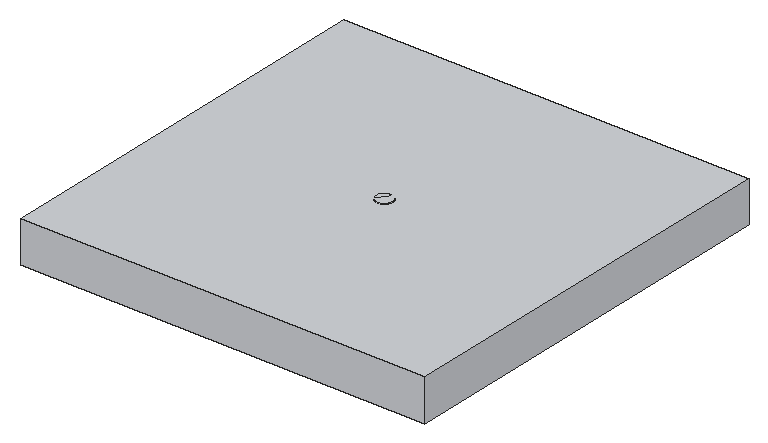
Revit family "M_Round Face Opening Solid", category Generic Models, host Face, Revit 2022
Family settings
  Host = Face
  Can host rebar = No
  Round Connector Dimension = Use Diameter
  Part Type = Normal
  OmniClass Number = 23.30.00.00
  OmniClass Title = Openings, Passages, Protection
  Cut with Voids When Loaded = Yes
  Maintain Annotation Orientation = No
  Shared = No
  Room Calculation Point = No
Parameters (values of type "Round Face Opening")
  Slope_Help [instance] = if(Face Offset_True = 0 cm, 0.2 cm, 0.1 cm)  # 0.2 cm
  Opening Elevation [instance] = 0 cm
  Opening Absolute Level [instance] = 0 cm
  MEP - Comment [instance] = "-"
  Inspect [instance] = yes
  Face Offset_Positive [instance] = if(Face Offset_True > 0 cm, Face Offset_True, 0 cm)  # 0 cm
  Face Offset_Negative [instance] = if(Face Offset_True < 0 cm, -Face Offset_True, 0 cm)  # 0 cm
  Face Offset_True [instance] = if(Slope = 0.00°, Face Offset, 0 cm)  # 0 cm
  Face Offset [instance] = 0 cm  # constant formula
  Top Length [instance] = if(Face Offset_True = 0 cm, if(or(Slope < -1.00°, Slope > 1.00°), Diameter_True / 2 * if(Angle > 90.00°, -tan(Slope), tan(Slope)), 0 cm), 0 cm)  # 0 cm
  Subcategory = "Cut Opening"  # constant formula
  Slope_T [instance] = if(and(not(Slope < 0.00°), Slope < 85.00°), Slope, 0.00°)  # 0.00°
  Slope [instance] = 0.00°  # constant formula
  Radius True [instance] = Diameter_True / 2  # 5 cm
  Radius [instance] = Diameter / 2  # 5 cm
  Opening Area [instance] = pi() * (Diameter / 2) ^ 2  # 0.00785398 m²
  Filled Region = no
  Lines [instance] = not(Filled Region)  # yes
  Diameter [instance] = if(D > 0.4 cm, D + 2 * Cut Offset, 0.4 cm)  # 10 cm
  Detail - Yes / No [instance] = no
  Description = "G"
  Depth [instance] = 25 cm
  Dashed Outline = no
  D(") [instance] = (D) / (2.634)  # 3.7965 cm
  D Total [instance] = Diameter  # 10 cm
  D [instance] = 10 cm
  Depth_True [instance] = if(Depth + Face Offset_True > 0.2 cm, Depth + Face Offset_True, 0.2 cm)  # 25 cm
  Cut Offset Report [instance] = Cut Offset  # 0 cm
  Cut Offset [instance] = 0 cm  # constant formula
  Bottom Length [instance] = if(Face Offset_True = 0 cm, Depth_True / sin(if(or(Angle = 0.00°, Angle = 180.00°, Angle = 360.00°), 90.00°, Angle)) + if(or(Slope < -1.00°, Slope > 1.00°), Diameter_True / 2 * if(Angle > 90.00°, -tan(Slope), tan(Slope)), 0 cm), Depth_True)  # 25 cm
  Diameter_True [instance] = Diameter / sin(Angle)  # 10 cm
  Extrusion End [instance] = if(Depth > 0.2 cm, -Depth_True, -0.2 cm)  # -25 cm
  Default Elevation = 0 cm
  BPM_txt2 [instance] = ""
  BPM_txt1 [instance] = ""
  BPM_bool2 [instance] = no
  BPM_bool1 [instance] = no
  Assembly Code = ""
  Angle [instance] = 90.00° - Slope  # 90.00°
  ##Reference Level [instance] = ""
  ##Middle Elevation [instance] = 0 cm
Reference planes (cm)
  plane 1 "Center (Front/Back)": y = 0
  plane 2: z = 0
  plane 3 "Center (Left/Right)": x = 0
  plane 4: x = -5
  plane 5: x = 5
  plane 6: y = -5
  plane 7: y = 5
  plane 8 "Face Offset_Positive": z = 0
  plane 9 "Face Offset_Negative": z = 0
Forms (cm)
  Extrusion 1, solid
    sketch origin (0, 0, 0) x (1, 0, 0) y (0, 1, 0)
      loop
        line (-121.92, 121.92) -> (-121.92, -121.92) -> (121.92, -121.92) -> (121.92, 121.92) -> (-121.92, 121.92)
    from 0 to -25 <- "Extrusion End"
  Sweep 2, solid
    path in 3D
      loop
        line (0, 0, 0) -> (0, 0, -0.2) -> (0, 0, -25)
    profile origin (0, 0, -12.6) x (1, 0, 0) y (0, 1, 0)
      loop
        circle (0, 0) r 5
Lines and regions (cm)
  reference lines
    curve 1: line (0, 0, -0.2) -> (0, 0, 0)
    curve 2: line (0, 0, -0.2) -> (0, 0, -25)
  sketch lines
    curve 3: line (0, 0, -0.2) -> (0, 0, -25)
    curve 4: line (0, 0, -0.2) -> (0, 0, 0)
  symbolic lines
    curve 5: line (-3.5355, -3.5355, 0) -> (3.5355, 3.5355, 0)
    curve 6: line (-3.5355, 3.5355, 0) -> (3.5355, -3.5355, 0)
  symbolic lines, visible <- "Dashed Outline"
    curve 7: circle (0, 0, 0) r 5 normal (0, 0, 1)
Dimensions and locks (cm)
  equal spacing: plane 4, plane 3 "Center (Left/Right)", plane 5
  "Diameter": plane 4 to plane 5
  equal spacing: plane 7, plane 1 "Center (Front/Back)", plane 6
  "Diameter_True": plane 7 to plane 6
  "Bottom Length": plane 9 "Face Offset_Negative" to curve 2
  "Top Length": plane 9 "Face Offset_Negative" to curve 1
  locked: curve 5 to curve 2
  locked: curve 6 to curve 2
  "Face Offset_Positive": plane 8 "Face Offset_Positive" to plane 2
  "Face Offset_Negative": plane 8 "Face Offset_Positive" to plane 9 "Face Offset_Negative"
  "Slope_Help": plane 9 "Face Offset_Negative" to curve 1
  "Radius": radius of Sweep 2 sketch curve
  "Radius": radius of curve 7
  "Angle": angle curve 2 to level
  "Angle": angle curve 1 to level
  angle plane 1 "Center (Front/Back)" to curve 5 = 45.00°
  angle curve 6 to plane 1 "Center (Front/Back)" = 45.00°
  aligned and locked: plane 2 to Extrusion 1
  aligned and locked: level to Extrusion 1
  aligned and locked: plane 1 "Center (Front/Back)" to curve 2
  aligned and locked: plane 3 "Center (Left/Right)" to Sweep 2 sketch curve
  aligned and locked: plane 6 to nested 1
  aligned and locked: nested 2 to plane 4
  aligned and locked: plane 6 to nested 3
  aligned and locked: plane 6 to nested 4
  aligned and locked: nested 5 to plane 4
  aligned and locked: nested 6 to plane 4
  aligned and locked: nested 4 to plane 9 "Face Offset_Negative"
  aligned and locked: nested 3 to plane 9 "Face Offset_Negative"
  aligned and locked: nested 1 to plane 9 "Face Offset_Negative"
  aligned and locked: nested 5 to plane 9 "Face Offset_Negative"
  aligned and locked: nested 2 to plane 9 "Face Offset_Negative"
  aligned and locked: nested 6 to plane 9 "Face Offset_Negative"
  aligned and locked: plane 3 "Center (Left/Right)" to curve 7
  aligned and locked: plane 1 "Center (Front/Back)" to curve 7
Automatic sketch dimensions
  Extrusion 1 sketch curve to Extrusion 1 sketch curve = 243.84 cm  (x2)
  profile plane to Sweep 2 sketch curve = 0 cm
Nested families (cm)
  nested 1: "Opening Lines - Front/Side" at (0, -5, 0) x (0, 1, 0) z (1, 0, 0), Width_or_Height <- "Diameter_True", Depth <- "Depth_True", Angle <- "Angle", visible <- "Lines", type "Standard"
    with Width_or_Height_True 10 cm, Width_or_Height 10 cm, Test Angle q 36.00°, Test Angle p 225.00°, Side Length 25 cm, Region Visible yes, built-in parameter 1001306 0.32808 (stored number, unit not read), Diagonal q 26.9258 cm, Diagonal p 26.9258 cm, Depth_True 25 cm, Depth 25 cm, Coeff2 2.5, Coeff1 0.4, Angle_True 90.00°, Angle 90.00°
  nested 2: "Opening Region - Front/Side" at (-5, 0, 0) x (1, 0, 0) z (0, -1, 0), Width_or_Height <- "Diameter", Depth <- "Depth_True", visible <- "Filled Region", type "Standard"
    with Width_or_Height_True 10 cm, Width_or_Height 10 cm, Test Angle q 36.00°, Test Angle p 225.00°, Side Length 25 cm, Region Visible yes, built-in parameter 1001306 0.32808 (stored number, unit not read), Diagonal q 26.9258 cm, Diagonal p 26.9258 cm, Depth_True 25 cm, Depth 25 cm, Coeff2 2.5, Coeff1 0.4, Angle_True 90.00°, Angle 90.00°
  nested 3: "Opening Region - Front/Side" at (0, -5, 0) x (0, 1, 0) z (1, 0, 0), Angle <- "Angle", visible <- "Filled Region", Depth <- "Depth_True", Width_or_Height <- "Diameter_True", type "Standard"
    with Width_or_Height_True 10 cm, Width_or_Height 10 cm, Test Angle q 36.00°, Test Angle p 225.00°, Side Length 25 cm, Region Visible yes, built-in parameter 1001306 0.32808 (stored number, unit not read), Diagonal q 26.9258 cm, Diagonal p 26.9258 cm, Depth_True 25 cm, Depth 25 cm, Coeff2 2.5, Coeff1 0.4, Angle_True 90.00°, Angle 90.00°
  nested 4: "Opening Outlines - Front/Side" at (0, -5, 0) x (0, 1, 0) z (1, 0, 0), Width_or_Height <- "Diameter_True", Depth <- "Depth_True", Angle <- "Angle", visible <- "Dashed Outline", type "Standard"
    with Width_or_Height_True 10 cm, Width_or_Height 10 cm, Test Angle q 36.00°, Test Angle p 225.00°, Side Length 25 cm, Region Visible yes, built-in parameter 1001306 0.32808 (stored number, unit not read), Diagonal q 26.9258 cm, Diagonal p 26.9258 cm, Depth_True 25 cm, Depth 25 cm, Coeff2 2.5, Coeff1 0.4, Angle_True 90.00°, Angle 90.00°
  nested 5: "Opening Lines - Front/Side" at (-5, 0, 0) x (1, 0, 0) z (0, -1, 0), Width_or_Height <- "Diameter", Depth <- "Depth_True", visible <- "Lines", type "Standard"
    with Width_or_Height_True 10 cm, Width_or_Height 10 cm, Test Angle q 36.00°, Test Angle p 225.00°, Side Length 25 cm, Region Visible yes, built-in parameter 1001306 0.32808 (stored number, unit not read), Diagonal q 26.9258 cm, Diagonal p 26.9258 cm, Depth_True 25 cm, Depth 25 cm, Coeff2 2.5, Coeff1 0.4, Angle_True 90.00°, Angle 90.00°
  nested 6: "Opening Outlines - Front/Side" at (-5, 0, 0) x (1, 0, 0) z (0, -1, 0), Width_or_Height <- "Diameter", Depth <- "Depth_True", visible <- "Dashed Outline", type "Standard"
    with Width_or_Height_True 10 cm, Width_or_Height 10 cm, Test Angle q 36.00°, Test Angle p 225.00°, Side Length 25 cm, Region Visible yes, built-in parameter 1001306 0.32808 (stored number, unit not read), Diagonal q 26.9258 cm, Diagonal p 26.9258 cm, Depth_True 25 cm, Depth 25 cm, Coeff2 2.5, Coeff1 0.4, Angle_True 90.00°, Angle 90.00°
Definition of nested family "Opening Lines - Front/Side"
  Parameters
    Width_or_Height_True [instance] = if(Width_or_Height < 0.2 cm, 0.2 cm, if(or(0.5 * Diagonal q < 0.1 cm, 0.5 * Diagonal q < 0.1 cm), 0.2 cm, Width_or_Height))  # 2 cm
    Width_or_Height [instance] = 2 cm
    Test Angle q [instance] = Coeff1 * Angle  # 60.00°
    Test Angle p [instance] = Coeff2 * Angle  # 60.00°
    Side Length [instance] = Depth / sin(Angle)  # 2.3094 cm
    Region Visible [instance] = if(Angle < 20.00°, 1 = 0, if(or(Test Angle q < 3.00°, Test Angle p < 3.00°), 1 = 0, if(or(Width_or_Height < 0.2 cm, Depth < 0.2 cm), 1 = 0, if(or(0.5 * Diagonal q < 0.1 cm, 0.5 * Diagonal q < 0.1 cm), 1 = 0, 1 = 1))))  # yes
    built-in parameter 1001306 [instance] = Width_or_Height_True  # 0.065617 (stored number, unit not read)
    Diagonal q [instance] = if(Angle < 90.00°, sqrt(Side Length ^ 2 + Width_or_Height ^ 2 + 2 * Width_or_Height * Side Length * cos(Angle)), sqrt(Side Length ^ 2 + Width_or_Height ^ 2 - 2 * Width_or_Height * Side Length * cos(Angle)))  # 3.7353 cm
    Diagonal p [instance] = if(Angle < 90.00°, sqrt(Side Length ^ 2 + Width_or_Height ^ 2 - 2 * Width_or_Height * Side Length * cos(Angle)), sqrt(Side Length ^ 2 + Width_or_Height ^ 2 + 2 * Width_or_Height * Side Length * cos(Angle)))  # 2.1713 cm
    Depth_True [instance] = if(or(Test Angle q < 2.00°, Test Angle p < 2.00°), Width_or_Height, if(Depth < 0.2 cm, 0.2 cm, if(or(0.5 * Diagonal q < 0.1 cm, 0.5 * Diagonal q < 0.1 cm), Width_or_Height_True, Depth)))  # 2 cm
    Depth [instance] = 2 cm
    Coeff2 [instance] = Depth / Width_or_Height  # 1
    Coeff1 [instance] = Width_or_Height / Depth  # 1
    Angle_True [instance] = if(Angle < 20.00°, 90.00°, if(or(Test Angle q < 3.00°, Test Angle p < 3.00°), 90.00°, if(or(0.5 * Diagonal q < 0.1 cm, 0.5 * Diagonal q < 0.1 cm), 90.00°, Angle)))  # 60.00°
    Angle [instance] = 60.00°
  Reference planes (cm)
    plane 1 "Center (Front/Back)": y = 0
    plane 2: z = 0
    plane 3 "Left": x = 0
    plane 4 "Right": x = 2
    plane 5: y = -2
  Lines and regions (cm)
    reference lines, in view "Ref. Level"
      curve 1: line (0, 0, 0) -> (2, 0, 0)
      curve 2: line (2, 0, 0) -> (0.8453, -2, 0)
      curve 3: line (0, 0, 0) -> (-1.1547, -2, 0)
      curve 4: line (0, 0, 0) -> (0.8453, -2, 0)
      curve 5: line (-1.1547, -2, 0) -> (2, 0, 0)
    detail lines, in view "Ref. Level"
      curve 6: line (2, 0, 0) -> (-1.1547, -2, 0)
      curve 7: line (0, 0, 0) -> (0.8453, -2, 0)
  Dimensions and locks (cm)
    plane 3 "Left" to plane 4 "Right" = 2 cm
    "Depth_True": plane 1 "Center (Front/Back)" to plane 5
    "Width_or_Height_True": plane 3 "Left" to plane 4 "Right"
    "Angle_True": angle plane 5 to curve 2
    "Angle_True": angle plane 5 to curve 3
    aligned and locked: plane 4 "Right" to curve 1
    aligned and locked: plane 3 "Left" to curve 1
    aligned and locked: plane 5 to curve 2
    aligned and locked: plane 1 "Center (Front/Back)" to curve 1
    aligned and locked: curve 5 to curve 6
    aligned and locked: curve 7 to curve 4  (x2)
    aligned and locked: curve 6 to curve 5
  Automatic sketch dimensions
    curve 5 to plane 5 = 0 cm
    curve 6 to plane 5 = 0 cm
    plane 1 "Center (Front/Back)" to curve 7 = 0 cm
    curve 7 to plane 5 = 0 cm
    plane 1 "Center (Front/Back)" to curve 6 = 0 cm
Definition of nested family "Opening Region - Front/Side"
  Parameters
    Width_or_Height_True [instance] = if(Width_or_Height < 0.2 cm, 0.2 cm, if(or(0.5 * Diagonal q < 0.1 cm, 0.5 * Diagonal q < 0.1 cm), 0.2 cm, Width_or_Height))  # 10 cm
    Width_or_Height [instance] = 10 cm
    Test Angle q [instance] = Coeff1 * Angle  # 40.00°
    Test Angle p [instance] = Coeff2 * Angle  # 160.00°
    Side Length [instance] = Depth / sin(Angle)  # 20.3085 cm
    Region Visible [instance] = if(Angle < 20.00°, 1 = 0, if(or(Test Angle q < 3.00°, Test Angle p < 3.00°), 1 = 0, if(or(Width_or_Height < 0.2 cm, Depth < 0.2 cm), 1 = 0, if(or(0.5 * Diagonal q < 0.1 cm, 0.5 * Diagonal q < 0.1 cm), 1 = 0, 1 = 1))))  # yes
    built-in parameter 1001306 [instance] = Width_or_Height_True  # 0.32808 (stored number, unit not read)
    Diagonal q [instance] = if(Angle < 90.00°, sqrt(Side Length ^ 2 + Width_or_Height ^ 2 + 2 * Width_or_Height * Side Length * cos(Angle)), sqrt(Side Length ^ 2 + Width_or_Height ^ 2 - 2 * Width_or_Height * Side Length * cos(Angle)))  # 24.1447 cm
    Diagonal p [instance] = if(Angle < 90.00°, sqrt(Side Length ^ 2 + Width_or_Height ^ 2 - 2 * Width_or_Height * Side Length * cos(Angle)), sqrt(Side Length ^ 2 + Width_or_Height ^ 2 + 2 * Width_or_Height * Side Length * cos(Angle)))  # 21.0216 cm
    Depth_True [instance] = if(or(Test Angle q < 2.00°, Test Angle p < 2.00°), Width_or_Height, if(Depth < 0.2 cm, 0.2 cm, if(or(0.5 * Diagonal q < 0.1 cm, 0.5 * Diagonal q < 0.1 cm), Width_or_Height_True, Depth)))  # 20 cm
    Depth [instance] = 20 cm
    Coeff2 [instance] = Depth / Width_or_Height  # 2
    Coeff1 [instance] = Width_or_Height / Depth  # 0.5
    Angle_True [instance] = if(Angle < 20.00°, 90.00°, if(or(Test Angle q < 3.00°, Test Angle p < 3.00°), 90.00°, if(or(0.5 * Diagonal q < 0.1 cm, 0.5 * Diagonal q < 0.1 cm), 90.00°, Angle)))  # 80.00°
    Angle [instance] = 80.00°
  Reference planes (cm)
    plane 1 "Center (Front/Back)": y = 0
    plane 2: z = 0
    plane 3 "Left": x = 0
    plane 4 "Right": x = 10
    plane 5: y = -20
  Lines and regions (cm)
    Filled region 1, type "Solid Fill - Black", in view "Ref. Level", visible <- "Region Visible"
      outline origin (0, 0, 0) x (1, 0, 0) y (0, 1, 0)
        loop
          line (10, 0) -> (3.2367, -10) -> (6.4735, -20) -> (10, 0)
    Filled region 2, type "Solid Fill - Black", in view "Ref. Level", visible <- "Region Visible"
      outline origin (0, 0, 0) x (1, 0, 0) y (0, 1, 0)
        loop
          line (0, 0) -> (-3.5265, -20) -> (3.2367, -10) -> (0, 0)
    reference lines, in view "Ref. Level"
      curve 1: line (0, 0, 0) -> (10, 0, 0)
      curve 2: line (10, 0, 0) -> (6.4735, -20, 0)
      curve 3: line (0, 0, 0) -> (-3.5265, -20, 0)
      curve 4: line (0, 0, 0) -> (6.4735, -20, 0)
      curve 5: line (-3.5265, -20, 0) -> (10, 0, 0)
  Dimensions and locks (cm)
    plane 3 "Left" to plane 4 "Right" = 10 cm
    "Depth_True": plane 1 "Center (Front/Back)" to plane 5
    "Width_or_Height_True": plane 3 "Left" to plane 4 "Right"
    "Angle_True": angle plane 5 to curve 2
    "Angle_True": angle plane 5 to curve 3
    aligned and locked: plane 4 "Right" to curve 1
    aligned and locked: plane 3 "Left" to curve 1
    aligned and locked: plane 5 to curve 2
    aligned and locked: plane 1 "Center (Front/Back)" to curve 1
    aligned and locked: Filled region 2 sketch curve to curve 3
    aligned and locked: Filled region 2 sketch curve to curve 5
    aligned and locked: Filled region 2 sketch curve to curve 4
    aligned and locked: Filled region 1 sketch curve to curve 5
    aligned and locked: Filled region 1 sketch curve to curve 4
    aligned and locked: Filled region 1 sketch curve to curve 2
  Automatic sketch dimensions
    curve 5 to plane 5 = 0 cm
Definition of nested family "Opening Outlines - Front/Side"
  Parameters (values of type "Standard")
    Width_or_Height_True [instance] = if(Width_or_Height < 0.2 cm, 0.2 cm, if(or(0.5 * Diagonal q < 0.1 cm, 0.5 * Diagonal q < 0.1 cm), 0.2 cm, Width_or_Height))  # 2 cm
    Width_or_Height [instance] = 2 cm
    Test Angle q [instance] = Coeff1 * Angle  # 60.00°
    Test Angle p [instance] = Coeff2 * Angle  # 60.00°
    Side Length [instance] = Depth / sin(Angle)  # 2.3094 cm
    Region Visible [instance] = if(Angle < 20.00°, 1 = 0, if(or(Test Angle q < 3.00°, Test Angle p < 3.00°), 1 = 0, if(or(Width_or_Height < 0.2 cm, Depth < 0.2 cm), 1 = 0, if(or(0.5 * Diagonal q < 0.1 cm, 0.5 * Diagonal q < 0.1 cm), 1 = 0, 1 = 1))))  # yes
    built-in parameter 1001306 [instance] = Width_or_Height_True  # 0.065617 (stored number, unit not read)
    Diagonal q [instance] = if(Angle < 90.00°, sqrt(Side Length ^ 2 + Width_or_Height ^ 2 + 2 * Width_or_Height * Side Length * cos(Angle)), sqrt(Side Length ^ 2 + Width_or_Height ^ 2 - 2 * Width_or_Height * Side Length * cos(Angle)))  # 3.7353 cm
    Diagonal p [instance] = if(Angle < 90.00°, sqrt(Side Length ^ 2 + Width_or_Height ^ 2 - 2 * Width_or_Height * Side Length * cos(Angle)), sqrt(Side Length ^ 2 + Width_or_Height ^ 2 + 2 * Width_or_Height * Side Length * cos(Angle)))  # 2.1713 cm
    Depth_True [instance] = if(or(Test Angle q < 2.00°, Test Angle p < 2.00°), Width_or_Height, if(Depth < 0.2 cm, 0.2 cm, if(or(0.5 * Diagonal q < 0.1 cm, 0.5 * Diagonal q < 0.1 cm), Width_or_Height_True, Depth)))  # 2 cm
    Depth [instance] = 2 cm
    Coeff2 [instance] = Depth / Width_or_Height  # 1
    Coeff1 [instance] = Width_or_Height / Depth  # 1
    Angle_True [instance] = if(Angle < 20.00°, 90.00°, if(or(Test Angle q < 3.00°, Test Angle p < 3.00°), 90.00°, if(or(0.5 * Diagonal q < 0.1 cm, 0.5 * Diagonal q < 0.1 cm), 90.00°, Angle)))  # 60.00°
    Angle [instance] = 60.00°
  Reference planes (cm)
    plane 1 "Center (Front/Back)": y = 0
    plane 2: z = 0
    plane 3 "Left": x = 0
    plane 4 "Right": x = 2
    plane 5: y = -2
  Lines and regions (cm)
    reference lines, in view "Ref. Level"
      curve 1: line (0, 0, 0) -> (2, 0, 0)
      curve 2: line (2, 0, 0) -> (0.8453, -2, 0)
      curve 3: line (0, 0, 0) -> (-1.1547, -2, 0)
    detail lines, in view "Ref. Level"
      curve 4: line (-1.1547, -2, 0) -> (0, 0, 0)
      curve 5: line (0, 0, 0) -> (2, 0, 0)
      curve 6: line (2, 0, 0) -> (0.8453, -2, 0)
      curve 7: line (0.8453, -2, 0) -> (-1.1547, -2, 0)
  Dimensions and locks (cm)
    plane 3 "Left" to plane 4 "Right" = 2 cm
    "Depth_True": plane 1 "Center (Front/Back)" to plane 5
    "Width_or_Height_True": plane 3 "Left" to plane 4 "Right"
    "Angle_True": angle plane 5 to curve 2
    "Angle_True": angle plane 5 to curve 3
    aligned and locked: plane 4 "Right" to curve 1
    aligned and locked: plane 3 "Left" to curve 1
    aligned and locked: plane 5 to curve 2
    aligned and locked: plane 1 "Center (Front/Back)" to curve 1
    aligned and locked: curve 2 to curve 6
    aligned and locked: plane 1 "Center (Front/Back)" to curve 5
    aligned and locked: plane 5 to curve 7
    aligned and locked: curve 4 to curve 3
